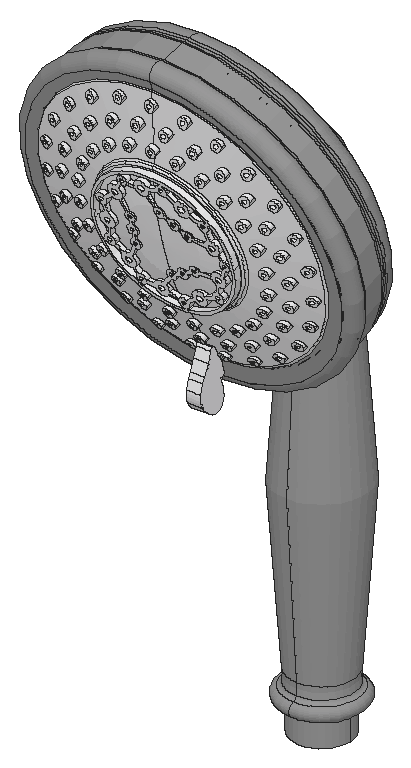
Revit family "Shower-Handshower-KOHLER-RAIN_DUET-K-98952T_1", category Plumbing Fixtures, host Face, Revit 2017 (continued)
Definition of nested family "K-98952T"
  Lines and regions (in)
    symbolic lines, detail levels medium+fine
      curve 618: spline (0, -2.72999, 8.19255) -> (0, -2.7347, 8.21173) -> (0, -2.74058, 8.22885) -> (0, -2.7472, 8.24265) -> (0, -2.7541, 8.25213) -> (0, -2.76076, 8.2566) -> (0, -2.76669, 8.25574) -> (0, -2.77147, 8.24961) -> (0, -2.77475, 8.23865) -> (0, -2.77629, 8.22367) -> (0, -2.77598, 8.20575) -> (0, -2.77384, 8.18619) -> (0, -2.77003, 8.16643)
      curve 619: spline (0, -2.77003, 8.16643) -> (0, -2.7651, 8.15055) -> (0, -2.75945, 8.13686) -> (0, -2.75341, 8.12616) -> (0, -2.7473, 8.11905) -> (0, -2.74149, 8.11593) -> (0, -2.7363, 8.11698) -> (0, -2.73202, 8.12213) -> (0, -2.7289, 8.13111) -> (0, -2.72712, 8.14339) -> (0, -2.72678, 8.15828) -> (0, -2.72789, 8.17494) -> (0, -2.73039, 8.19241)
      curve 620: spline (0, -2.73195, 7.89057) -> (0, -2.73741, 7.90755) -> (0, -2.74344, 7.9224) -> (0, -2.74965, 7.93416) -> (0, -2.75564, 7.94208) -> (0, -2.76104, 7.94566) -> (0, -2.76548, 7.94466) -> (0, -2.76869, 7.93914) -> (0, -2.77046, 7.92946) -> (0, -2.77068, 7.91625) -> (0, -2.76933, 7.90034) -> (0, -2.7665, 7.88277) -> (0, -2.76237, 7.86466)
      curve 621: spline (0, -2.76237, 7.86466) -> (0, -2.75686, 7.84716) -> (0, -2.75071, 7.83175) -> (0, -2.74435, 7.81949) -> (0, -2.73819, 7.81118) -> (0, -2.73265, 7.80739) -> (0, -2.7281, 7.80836) -> (0, -2.72485, 7.81404) -> (0, -2.7231, 7.82404) -> (0, -2.72299, 7.83769) -> (0, -2.72451, 7.85408) -> (0, -2.72757, 7.87211) -> (0, -2.73195, 7.89057)
      curve 622: spline (0, -2.59996, 7.74747) -> (0, -2.60604, 7.76503) -> (0, -2.61306, 7.78067) -> (0, -2.62057, 7.7934) -> (0, -2.6281, 7.8024) -> (0, -2.63517, 7.8071) -> (0, -2.64132, 7.80719) -> (0, -2.64617, 7.80268) -> (0, -2.64939, 7.79385) -> (0, -2.6508, 7.78127) -> (0, -2.65029, 7.76573) -> (0, -2.64791, 7.74822) -> (0, -2.64379, 7.72988)
      curve 623: spline (0, -2.64379, 7.72988) -> (0, -2.63772, 7.7123) -> (0, -2.63069, 7.69664) -> (0, -2.62317, 7.68389) -> (0, -2.61563, 7.67488) -> (0, -2.60856, 7.67017) -> (0, -2.6024, 7.67007) -> (0, -2.59756, 7.67459) -> (0, -2.59433, 7.68343) -> (0, -2.59293, 7.69603) -> (0, -2.59344, 7.71159) -> (0, -2.59584, 7.72911) -> (0, -2.59996, 7.74747)
      curve 624: spline (0, -2.61471, 7.48977) -> (0, -2.62076, 7.5074) -> (0, -2.62759, 7.52366) -> (0, -2.63476, 7.5375) -> (0, -2.64181, 7.548) -> (0, -2.64828, 7.55449) -> (0, -2.65374, 7.55655) -> (0, -2.65784, 7.55405) -> (0, -2.66032, 7.54713) -> (0, -2.66102, 7.53627) -> (0, -2.65988, 7.52215) -> (0, -2.65698, 7.50571) -> (0, -2.65252, 7.488)
      curve 625: spline (0, -2.65252, 7.488) -> (0, -2.6465, 7.47019) -> (0, -2.63967, 7.45374) -> (0, -2.63247, 7.43973) -> (0, -2.62539, 7.42907) -> (0, -2.61888, 7.42248) -> (0, -2.61338, 7.42039) -> (0, -2.60925, 7.42293) -> (0, -2.60676, 7.42994) -> (0, -2.60608, 7.44096) -> (0, -2.60725, 7.45526) -> (0, -2.61019, 7.47189) -> (0, -2.61471, 7.48977)
      curve 626: spline (0, -2.46557, 7.28128) -> (0, -2.47221, 7.29888) -> (0, -2.47995, 7.31531) -> (0, -2.48831, 7.32955) -> (0, -2.49675, 7.34068) -> (0, -2.50475, 7.34802) -> (0, -2.51181, 7.3511) -> (0, -2.51747, 7.34972) -> (0, -2.52138, 7.34397) -> (0, -2.52329, 7.33422) -> (0, -2.52309, 7.32107) -> (0, -2.52078, 7.30536) -> (0, -2.51652, 7.28808)
      curve 627: spline (0, -2.51652, 7.28808) -> (0, -2.50995, 7.27011) -> (0, -2.5022, 7.25324) -> (0, -2.49377, 7.23858) -> (0, -2.48522, 7.22709) -> (0, -2.47709, 7.21952) -> (0, -2.46992, 7.21635) -> (0, -2.46418, 7.21779) -> (0, -2.46024, 7.22376) -> (0, -2.45836, 7.23385) -> (0, -2.45866, 7.24742) -> (0, -2.46111, 7.26358) -> (0, -2.46557, 7.28128)
      curve 628: spline (0, -2.50062, 7.09678) -> (0, -2.50766, 7.11543) -> (0, -2.51573, 7.13317) -> (0, -2.52423, 7.14869) -> (0, -2.53254, 7.16084) -> (0, -2.54003, 7.16871) -> (0, -2.54614, 7.17172) -> (0, -2.55043, 7.16965) -> (0, -2.55257, 7.16264) -> (0, -2.55241, 7.15123) -> (0, -2.54995, 7.13625) -> (0, -2.54539, 7.11882) -> (0, -2.53905, 7.10024)
      curve 629: spline (0, -2.53882, 7.1003) -> (0, -2.53203, 7.08415) -> (0, -2.5247, 7.06932) -> (0, -2.51725, 7.05667) -> (0, -2.51011, 7.04694) -> (0, -2.5037, 7.04068) -> (0, -2.49839, 7.03827) -> (0, -2.49449, 7.03983) -> (0, -2.49223, 7.04529) -> (0, -2.49173, 7.05433) -> (0, -2.49303, 7.06641) -> (0, -2.49605, 7.08084) -> (0, -2.50062, 7.09678)
      curve 630: spline (0, -2.38573, 6.84507) -> (0, -2.37732, 6.82818) -> (0, -2.36819, 6.81292) -> (0, -2.35893, 6.80029) -> (0, -2.35015, 6.79111) -> (0, -2.34242, 6.78598) -> (0, -2.33624, 6.78523) -> (0, -2.33202, 6.78892) -> (0, -2.33004, 6.7968) -> (0, -2.33042, 6.80836) -> (0, -2.33314, 6.82285) -> (0, -2.33803, 6.83931) -> (0, -2.34475, 6.85668)
      curve 631: spline (0, -2.34531, 6.85654) -> (0, -2.35381, 6.87338) -> (0, -2.36303, 6.8886) -> (0, -2.37237, 6.9012) -> (0, -2.38121, 6.91036) -> (0, -2.38898, 6.91548) -> (0, -2.39517, 6.91622) -> (0, -2.39937, 6.91253) -> (0, -2.40131, 6.90467) -> (0, -2.40087, 6.89313) -> (0, -2.39807, 6.87868) -> (0, -2.3931, 6.86226) -> (0, -2.38627, 6.84493)
      curve 632: spline (0, -2.40473, 6.75877) -> (0, -2.41406, 6.77757) -> (0, -2.42384, 6.79434) -> (0, -2.43324, 6.80767) -> (0, -2.44146, 6.81641) -> (0, -2.4478, 6.81984) -> (0, -2.45173, 6.81766) -> (0, -2.45291, 6.81005) -> (0, -2.45125, 6.79766) -> (0, -2.44688, 6.78154) -> (0, -2.44018, 6.76306) -> (0, -2.4317, 6.74378) -> (0, -2.42218, 6.72533)
      curve 633: spline (0, -2.42193, 6.72547) -> (0, -2.41442, 6.7129) -> (0, -2.40718, 6.70251) -> (0, -2.40059, 6.69484) -> (0, -2.39498, 6.69028) -> (0, -2.39065, 6.68906) -> (0, -2.38782, 6.69126) -> (0, -2.38662, 6.69674) -> (0, -2.38713, 6.70524) -> (0, -2.38932, 6.71632) -> (0, -2.39306, 6.72941) -> (0, -2.39818, 6.74383) -> (0, -2.40441, 6.75886)
      curve 634: spline (0, -2.43438, 6.63204) -> (0, -2.443, 6.6515) -> (0, -2.45229, 6.6704) -> (0, -2.46144, 6.68703) -> (0, -2.46962, 6.69991) -> (0, -2.47609, 6.70788) -> (0, -2.48028, 6.71022) -> (0, -2.48181, 6.70673) -> (0, -2.48054, 6.69772) -> (0, -2.47659, 6.684) -> (0, -2.47031, 6.66679) -> (0, -2.46226, 6.64764) -> (0, -2.45317, 6.62828)
      curve 635: spline (0, -2.45317, 6.62828) -> (0, -2.44633, 6.61472) -> (0, -2.43969, 6.60268) -> (0, -2.43358, 6.59274) -> (0, -2.42832, 6.5854) -> (0, -2.42415, 6.58102) -> (0, -2.42129, 6.57983) -> (0, -2.41988, 6.58188) -> (0, -2.41998, 6.58707) -> (0, -2.4216, 6.59514) -> (0, -2.42465, 6.60569) -> (0, -2.42898, 6.6182) -> (0, -2.43438, 6.63204)
      curve 636: spline (0, -2.2362, 6.46993) -> (0, -2.24569, 6.48631) -> (0, -2.25569, 6.50121) -> (0, -2.26552, 6.51363) -> (0, -2.27454, 6.52273) -> (0, -2.28213, 6.52791) -> (0, -2.28777, 6.5288) -> (0, -2.2911, 6.52536) -> (0, -2.29188, 6.51781) -> (0, -2.29007, 6.50666) -> (0, -2.28578, 6.49266) -> (0, -2.27931, 6.47676) -> (0, -2.27108, 6.46002)
      curve 637: spline (0, -2.27048, 6.46019) -> (0, -2.2611, 6.44374) -> (0, -2.25121, 6.42878) -> (0, -2.24145, 6.41631) -> (0, -2.2325, 6.40717) -> (0, -2.22496, 6.40197) -> (0, -2.21933, 6.40107) -> (0, -2.21598, 6.40452) -> (0, -2.21516, 6.41209) -> (0, -2.2169, 6.42328) -> (0, -2.2211, 6.43733) -> (0, -2.22747, 6.4533) -> (0, -2.23559, 6.4701)
      curve 638: spline (0, -2.31969, 6.45735) -> (0, -2.32869, 6.47379) -> (0, -2.3379, 6.48888) -> (0, -2.34671, 6.50159) -> (0, -2.35451, 6.51105) -> (0, -2.36076, 6.51661) -> (0, -2.36505, 6.51789) -> (0, -2.36707, 6.51481) -> (0, -2.36669, 6.50757) -> (0, -2.36393, 6.49668) -> (0, -2.35899, 6.48287) -> (0, -2.3522, 6.46709) -> (0, -2.34402, 6.45041)
      curve 639: spline (0, -2.34374, 6.45049) -> (0, -2.33486, 6.43399) -> (0, -2.32575, 6.41884) -> (0, -2.31703, 6.40607) -> (0, -2.3093, 6.39658) -> (0, -2.30308, 6.39099) -> (0, -2.29881, 6.3897) -> (0, -2.29677, 6.39279) -> (0, -2.29711, 6.40005) -> (0, -2.2998, 6.41099) -> (0, -2.30466, 6.42485) -> (0, -2.31135, 6.44069) -> (0, -2.31941, 6.45743)
      curve 640: spline (0, -2.14932, 6.15541) -> (0, -2.15958, 6.17146) -> (0, -2.17011, 6.18625) -> (0, -2.1802, 6.19872) -> (0, -2.18912, 6.20802) -> (0, -2.19626, 6.21348) -> (0, -2.20111, 6.21474) -> (0, -2.20334, 6.21169) -> (0, -2.20278, 6.20455) -> (0, -2.19949, 6.19382) -> (0, -2.19368, 6.18026) -> (0, -2.18577, 6.16481) -> (0, -2.17631, 6.14856)
      curve 641: spline (0, -2.17585, 6.14868) -> (0, -2.16573, 6.1327) -> (0, -2.15536, 6.11802) -> (0, -2.14544, 6.10565) -> (0, -2.13667, 6.09644) -> (0, -2.12965, 6.09104) -> (0, -2.12486, 6.08982) -> (0, -2.12263, 6.09286) -> (0, -2.12313, 6.09995) -> (0, -2.12631, 6.1106) -> (0, -2.13195, 6.12408) -> (0, -2.13967, 6.13945) -> (0, -2.14893, 6.15565)
      curve 642: line (0, -3.04901, 9.29061) -> (0, -3.00073, 9.30355)
      curve 643: line (0, -3.00073, 9.30355) -> (0, -3.00847, 9.15585)
      curve 644: line (0, -3.00847, 9.15585) -> (0, -3.05057, 9.1438)
      curve 645: line (0, -2.97478, 9.02206) -> (0, -2.93458, 9.03283)
      curve 646: line (0, -2.93458, 9.03283) -> (0, -2.93458, 8.88841)
      curve 647: line (0, -2.93458, 8.88841) -> (0, -2.96969, 8.8766)
      curve 648: line (0, -3.03359, 8.91198) -> (0, -2.98701, 8.92447)
      curve 649: line (0, -2.96416, 8.87846) -> (0, -2.96416, 8.78451)
      curve 650: line (0, -2.96416, 8.78451) -> (0, -3.02332, 8.76866)
      curve 651: line (0, -2.95893, 8.64635) -> (0, -2.88441, 8.66632)
      curve 652: line (0, -2.88441, 8.66632) -> (0, -2.84001, 8.67822)
      curve 653: line (0, -2.84001, 8.67822) -> (0, -2.84001, 8.53427)
      curve 654: line (0, -2.84001, 8.53427) -> (0, -2.94115, 8.50717)
      curve 655: line (0, -2.86712, 8.31692) -> (0, -2.80734, 8.33293)
      curve 656: line (0, -2.80734, 8.33293) -> (0, -2.79721, 8.18807)
      curve 657: line (0, -2.79721, 8.18807) -> (0, -2.84272, 8.17618)
      curve 658: line (0, -2.76406, 8.25681) -> (0, -2.7239, 8.26757)
      curve 659: arc (0, -2.7239, 8.26757) -> (0, -2.70464, 8.20039) -> (0, -2.69491, 8.13119) r 0.50134
      curve 660: line (0, -2.69491, 8.13119) -> (0, -2.73891, 8.11591)
      curve 661: line (0, -2.76346, 7.94572) -> (0, -2.71305, 7.95922)
      curve 662: line (0, -2.67705, 7.82488) -> (0, -2.73267, 7.80998)
      curve 663: line (0, -2.64048, 7.80747) -> (0, -2.59443, 7.81981)
      curve 664: arc (0, -2.59443, 7.81981) -> (0, -2.57469, 7.7512) -> (0, -2.56482, 7.68049) r 0.50518
      curve 665: line (0, -2.56482, 7.68049) -> (0, -2.60275, 7.67033)
      curve 666: line (0, -2.65494, 7.55634) -> (0, -2.60253, 7.57038)
      curve 667: line (0, -2.57791, 7.43076) -> (0, -2.61239, 7.42152)
      curve 668: line (0, -2.51561, 7.35073) -> (0, -2.46067, 7.36638)
      curve 669: arc (0, -2.46067, 7.36638) -> (0, -2.43595, 7.2993) -> (0, -2.42727, 7.22833) r 0.30967
      curve 670: line (0, -2.42727, 7.22833) -> (0, -2.46704, 7.21767)
      curve 671: arc (0, -2.60253, 7.57038) -> (0, -2.58368, 7.50172) -> (0, -2.57791, 7.43076) r 0.38186
      curve 672: arc (0, -2.71305, 7.95922) -> (0, -2.69119, 7.89246) -> (0, -2.68645, 7.82236) r 0.28311
      curve 673: line (0, -2.54825, 7.17145) -> (0, -2.49499, 7.18572)
      curve 674: arc (0, -2.49499, 7.18572) -> (0, -2.47268, 7.12075) -> (0, -2.46706, 7.0523) r 0.27685
      curve 675: line (0, -2.46706, 7.0523) -> (0, -2.49653, 7.03855)
      curve 676: line (0, -2.39606, 6.91589) -> (0, -2.35147, 6.92784)
      curve 677: line (0, -2.35147, 6.92784) -> (0, -2.30299, 6.79465)
      curve 678: line (0, -2.30299, 6.79465) -> (0, -2.33681, 6.78559)
      curve 679: line (0, -2.44988, 6.81956) -> (0, -2.39204, 6.83506)
      curve 680: line (0, -2.39204, 6.83506) -> (0, -2.35537, 6.69822)
      curve 681: line (0, -2.35537, 6.69822) -> (0, -2.38931, 6.68855)
      curve 682: line (0, -2.48058, 6.71013) -> (0, -2.42323, 6.72646)
      curve 683: line (0, -2.42323, 6.72646) -> (0, -2.38443, 6.59029)
      curve 684: line (0, -2.38443, 6.59029) -> (0, -2.42121, 6.57981)
      curve 685: line (0, -2.36546, 6.51772) -> (0, -2.30445, 6.53511)
      curve 686: line (0, -2.30445, 6.53511) -> (0, -2.26593, 6.39989)
      curve 687: line (0, -2.26593, 6.39989) -> (0, -2.29962, 6.39029)
      curve 688: line (0, -2.28869, 6.52842) -> (0, -2.22503, 6.54548)
      curve 689: line (0, -2.22503, 6.54548) -> (0, -2.18675, 6.41113)
      curve 690: line (0, -2.18675, 6.41113) -> (0, -2.21952, 6.40179)
      curve 691: line (0, -2.20184, 6.21443) -> (0, -2.13948, 6.2322)
      curve 692: line (0, -2.10109, 6.09745) -> (0, -2.12509, 6.09061)
      curve 693: line (0, -2.13948, 6.2322) -> (0, -2.10109, 6.09745)
      curve 694: line (0, -3.0939, 8.57455) -> (0, -3.00919, 8.59725)
      curve 695: line (0, -3.08287, 8.47625) -> (0, -2.98388, 8.50278)
      curve 696: line (0, -3.00359, 8.00195) -> (0, -2.85728, 8.03033)
      curve 697: line (0, -2.98329, 7.88034) -> (0, -2.82823, 7.92189)
      curve 698: line (0, -2.89765, 7.53642) -> (0, -2.73651, 7.57959)
      curve 699: line (0, -2.86017, 7.40925) -> (0, -2.70221, 7.45158)
      curve 700: line (0, -2.72834, 7.02861) -> (0, -2.59822, 7.06347)
      curve 701: line (0, -2.68578, 6.94177) -> (0, -2.57365, 6.97181)
      curve 702: arc (0.41339, -0.3272, 0) -> (0, 0.5272, 0) -> (-0.41339, -0.3272, 0) r 0.5272
  Dimensions and locks (in)
    plane 4 to level = 10.03937"
    plane 1 "Center (Front/Back)" to plane 5 = 3.11024"
    plane 6 to plane 7 = 4.80315"
    aligned and locked: plane 2 to level
